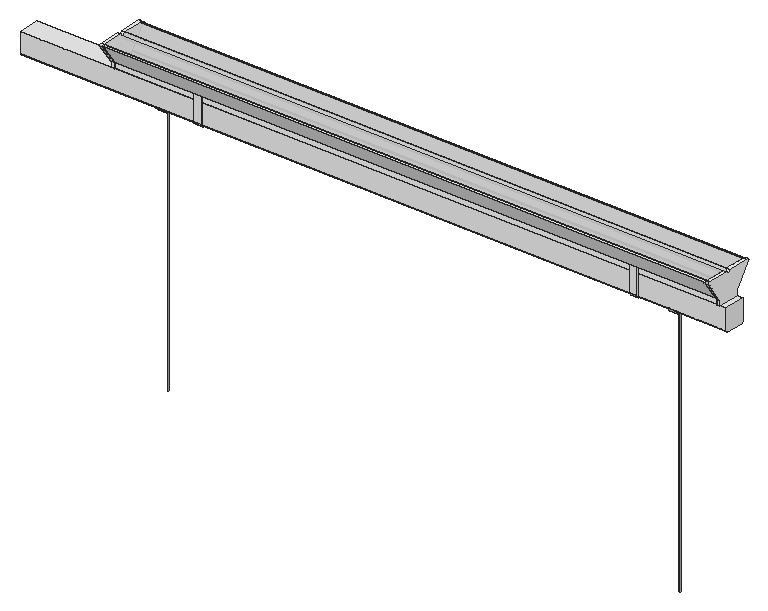
Revit family "0042293 Lighting Fixture_Sylvania_HSX Syl-Line_Ceiling Pendant", category Lighting Fixtures, host Face, Revit 2017
Family settings
  Host = Face
  Round Connector Dimension = Use Diameter
  Part Type = Normal
  OmniClass Number = 23.80.70.11.17
  OmniClass Title = Specialized Lighting by Location or Use
  Cut with Voids When Loaded = No
  Light Source = Yes
  Shared = No
  Room Calculation Point = No
Parameters (values of type "HSXSYL  LED NW EB 1720 EM WB")
  Width = 164.0 mm
  Weight = 6.50 kg
  Wattage = 10.4516 W
  built-in parameter 1150110 = 1 (stored number, unit not read)
  Voltage Comments = "UNV (Universal Voltage; 220-240 Volt)"  # constant formula
  Voltage = 230 V  # constant formula
  URL = "http://www.sylvania-lighting.com"
  Trucking Material = Steel_Sylvania_HSX Syl-Line_White
  built-in parameter 1114217 = 1 (stored number, unit not read)
  Tilt Angle = -90.00°
  built-in parameter 1150109 = 1 (stored number, unit not read)
  built-in parameter 1150134 = 12
  Ta Rating = "-10°C to +25°C"  # constant formula
  T Class Min = -10 °C
  T Class Max = 25 °C
  built-in parameter 1150113 = 1 (stored number, unit not read)
  Product Page URL = "http://www.sylvania-lighting.com/product/en-int/products/0042293"
  Product Family = "HSX SYL-LINE"  # constant formula
  Photometry Comments = ""
  Photometric Web File = "0042293_HSXSYLLEDNWEB1720EMWB-192691.ies"
  Mounting Material = Steel_Sylvania_HSX Syl-Line_White
  Mounting Height = 1000.0 mm
  Mounting Distance = Mounting Height - Height  # 832.5 mm
  Line End Right = 20.0 mm
  Line End Left = 300.0 mm
  Life = "50 000h"  # constant formula
  Length = 2000.0 mm
  LOR = "100%"
  Inrush Current (max. quantity per 16A C breaker) = "10"
  IP Rating = "IP20"  # constant formula
  IK Rating = "IK02"  # constant formula
  Height = 167.5 mm
  Glow Wire Test = 650 °C  # constant formula
  Emit from Line Length = Length - 20.0 mm  # 1980.0 mm
  Electrical Protection = "CLASS I"  # constant formula
  Drive Current = "350mA"
  built-in parameter 1114216 [instance] = 1 (stored number, unit not read)
  Cap Material = Plastic_Sylvania_HSX Syl-Line_White
  Model = "HSXSYL  LED NW EB 1720 EM WB"
  Manufacturer = "Feilo Sylvania"
  built-in parameter 1150105 = 341.47 (stored number, unit not read)
  Lumens = 972 lm
  built-in parameter 1150115 = 1 (stored number, unit not read)
  built-in parameter 1150137 = (empty or 0)
  built-in parameter 1150139 = (empty or 0)
  built-in parameter 1150112 = 1 (stored number, unit not read)
  built-in parameter 1150114 = 1 (stored number, unit not read)
  Lamp = "Integrated LED"
  built-in parameter 1150132 = 2
  built-in parameter 1150102 = (empty or 0)
  built-in parameter 1150107 = 4000 (stored number, unit not read)
  built-in parameter 1150138 = (empty or 0)
  built-in parameter 1150106 = 3.4147 (stored number, unit not read)
  CRI (Ra) = "<80"
  Bracket Width = Width - 93.4 mm  # 70.6 mm
  Bracket Height = Height - 73.5 mm  # 94.0 mm
  Body Material = Plastic_Sylvania_HSX Syl-Line_White
  built-in parameter 1150104 = 8.64 (stored number, unit not read)
  Dimming Lamp Color Temperature Shift = <None>
  Diffuser Material = Polycarbonate_Sylvania_HSX Syl-Line_4000K
  Description = "72W and 75W LED surface and suspended luminaires HSX Syl-Line is perfect for retail, industry, manufacturing, airports or data centres Extended offering of alternative optics for Syl-Line trunking Available with a white sheet steel reflector and a PMMA Diffuser Available in 1,720mm (same length as standard Syl-Line gear trays and trunking) High performance: delivers 6,660lm (luminaire lumen output on 72W version), equating to 93lm/W (total system efficiency) Available in neutral white (4,000K) Integrated LED solution that has the same aesthetics as the fluorescent version (non dotting) Energy efficient electronic gear including Analogue 1-10V dimmable, DALI dimmable and 3 hour emergency versions as standard Ease of installation through the plug connector Innovative clip design allows quick and simple installation of the electrical unit (average installation time of the gear tray at just over a minute) Energy class: A++, A+, A Long lifetime: 50,000 hours life at 70% of the original output L70"  # constant formula
  Default Elevation = 0.0 mm
  Color Filter = 16777215
  Catalog Number = "0042293 HSXSYL  LED NW EB 1720 EM WB"
  built-in parameter 1140040 [instance] = 1
  built-in parameter 1114218 = 1 (stored number, unit not read)
  built-in parameter 1150133 = 10 (stored number, unit not read)
  Assembly Code = "D5020200"
  Apparent Load = 75 VA
Reference planes
  plane 1 "Center (Front/Back)": y = 0
  plane 2 "Trucking Top": z = 838.5
  plane 3 "Center (Left/Right)": x = 0
  plane 4 "Fixture Bottom": z = 1000
  plane 5: y = 34.283
  plane 6: y = -34.283
  plane 7 "Fixture Left": x = -1000
  plane 8 "Fixture Right": x = 1000
  plane 9: x = 990
  plane 10: x = -990
  plane 11: y = -82
  plane 12: y = 82
  plane 13: z = 987.5
  plane 14: z = 931.5
  plane 15 "Trucking Bottom": z = 911
  plane 16: y = 38.283
  plane 17: y = -38.283
  plane 18: z = 993.039
  plane 19: y = 7.5
  plane 20: y = -7.5
  plane 21: x = -1300
  plane 22: x = 1020
  plane 23: x = 728
  plane 24: x = -728
  plane 25: x = 853
  plane 26: x = -853
  plane 27 "Fixture Top": z = 832.5
  plane 28: z = 0
Forms (mm)
  Extrusion 1, solid, material "Plastic_Sylvania_HSX Syl-Line_White" <- "Cap Material", detail levels fine
    sketch origin (0, 0, 0) x (0, 1, 0) y (0, 0, 1)
      loop
        line (38.283, 931.5) -> (81.006, 993.776)
        arc (81.006, 993.776) -> (81.229, 997.88) -> (77.707, 1000) r 3.986
        line (77.707, 1000) -> (7.5, 1000) -> (0, 987.5) -> (-7.5, 1000) -> (-77.707, 1000)
        arc (-77.707, 1000) -> (-81.229, 997.88) -> (-81.006, 993.776) r 3.986
        line (-81.006, 993.776) -> (-38.283, 931.5) -> (-34.283, 931.5) -> (-34.283, 911) -> (34.283, 911) -> (34.283, 931.5) -> (38.283, 931.5)
    from 990 to 1000
  Extrusion 2, solid, material "Plastic_Sylvania_HSX Syl-Line_White" <- "Cap Material", detail levels fine
    sketch origin (0, 0, 0) x (0, 1, 0) y (0, 0, 1)
      loop
        line (38.283, 931.5) -> (81.006, 993.776)
        arc (81.006, 993.776) -> (81.229, 997.88) -> (77.707, 1000) r 3.986
        line (77.707, 1000) -> (7.5, 1000) -> (0, 987.5) -> (-7.5, 1000) -> (-77.707, 1000)
        arc (-77.707, 1000) -> (-81.229, 997.88) -> (-81.006, 993.776) r 3.986
        line (-81.006, 993.776) -> (-38.283, 931.5) -> (-34.283, 931.5) -> (-34.283, 911) -> (34.283, 911) -> (34.283, 931.5) -> (38.283, 931.5)
    from -1000 to -990
  Extrusion 3, solid, material "Plastic_Sylvania_HSX Syl-Line_White" <- "Body Material", detail levels coarse+medium
    sketch origin (0, 0, 0) x (0, 1, 0) y (0, 0, 1)
      loop
        line (38.283, 931.5) -> (81.006, 993.776)
        arc (81.006, 993.776) -> (81.229, 997.88) -> (77.707, 1000) r 3.986
        line (77.707, 1000) -> (7.5, 1000) -> (0, 987.5) -> (-7.5, 1000) -> (-77.707, 1000)
        arc (-77.707, 1000) -> (-81.229, 997.88) -> (-81.006, 993.776) r 3.986
        line (-81.006, 993.776) -> (-38.283, 931.5) -> (-34.283, 931.5) -> (-34.283, 911) -> (34.283, 911) -> (34.283, 931.5) -> (38.283, 931.5)
    from -1000 to 990
  Extrusion 4, solid, material "Plastic_Sylvania_HSX Syl-Line_White" <- "Body Material", detail levels fine
    sketch origin (0, 0, 0) x (0, 1, 0) y (0, 0, 1)
      loop
        line (37.757, 932.5) -> (80.18, 994.339)
        arc (80.18, 994.339) -> (80.345, 997.413) -> (77.707, 999) r 2.986
        line (77.707, 999) -> (74, 999) -> (74, 998) -> (77.707, 998)
        arc (77.707, 998) -> (79.461, 996.946) -> (79.353, 994.902) r 1.986
        line (79.353, 994.902) -> (37.23, 933.5) -> (32.283, 933.5) -> (32.283, 912) -> (-32.283, 912) -> (-32.283, 933.5) -> (-37.23, 933.5) -> (-79.353, 994.902)
        arc (-79.353, 994.902) -> (-79.461, 996.946) -> (-77.707, 998) r 1.986
        line (-77.707, 998) -> (-74, 998) -> (-74, 999) -> (-77.707, 999)
        arc (-77.707, 999) -> (-80.345, 997.413) -> (-80.18, 994.339) r 2.986
        line (-80.18, 994.339) -> (-37.757, 932.5) -> (-33.283, 932.5) -> (-33.283, 911) -> (33.283, 911) -> (33.283, 932.5) -> (37.757, 932.5)
    from -990 to 990
  Extrusion 5, solid, material "Polycarbonate_Sylvania_HSX Syl-Line_4000K" <- "Diffuser Material", detail levels fine
    sketch origin (0, 0, 0) x (0, 1, 0) y (0, 0, 1)
      loop
        line (74, 999) -> (8.066, 999) -> (0, 985.556) -> (-8.066, 999) -> (-74, 999) -> (-74, 998) -> (-8.632, 998) -> (0, 983.613) -> (8.632, 998) -> (74, 998) -> (74, 999)
    from -990 to 990
  Extrusion 6, solid, material "Steel_Sylvania_HSX Syl-Line_White" <- "Trucking Material"
    sketch origin (0, 0, 0) x (0, 1, 0) y (0, 0, 1)
      loop
        line (34.283, 844.5) -> (34.283, 911) -> (-34.283, 911) -> (-34.283, 844.5) -> (-28.283, 838.5) -> (28.283, 838.5) -> (34.283, 844.5)
    from -1300 to 1020
Lines and regions (mm)
  model lines, detail levels coarse+medium
    curve 1: line (-840.5, 0, 838.5) -> (-840.5, 0, 0)
    curve 2: line (840.5, 0, 838.5) -> (840.5, 0, 0)
Dimensions and locks
  equal spacing: plane 7 "Fixture Left", plane 3 "Center (Left/Right)", plane 8 "Fixture Right"
  "Length": plane 7 "Fixture Left" to plane 8 "Fixture Right"
  locked: plane 7 "Fixture Left" to plane 10 at 10
  locked: plane 9 to plane 8 "Fixture Right" at 10
  equal spacing: plane 12, plane 1 "Center (Front/Back)", plane 11
  "Width": plane 12 to plane 11
  plane 15 "Trucking Bottom" to plane 14 to plane 13 to plane 18 to plane 4 "Fixture Bottom" = 20.5 mm locked, 56.0 mm locked, 5.539 mm locked, 6.961 mm locked
  plane 12 to plane 16 to plane 5 to plane 19 = 43.717 mm locked, 4.0 mm locked, 26.783 mm locked
  plane 11 to plane 17 to plane 6 to plane 20 = 43.717 mm locked, 4.0 mm locked, 26.783 mm locked
  locked: Extrusion 5 sketch curve to plane 11 at 8
  locked: plane 12 to Extrusion 5 sketch curve at 8
  locked: Extrusion 4 sketch curve to plane 11 at 8
  locked: plane 12 to Extrusion 4 sketch curve at 8
  locked: Extrusion 6 sketch curve to plane 2 "Trucking Top" at 6  (x2)
  locked: Extrusion 6 sketch curve to plane 6 at 6
  locked: plane 5 to Extrusion 6 sketch curve at 6
  "Line End Left": plane 21 to plane 7 "Fixture Left"
  "Line End Right": plane 8 "Fixture Right" to plane 22
  plane 23 to plane 25 to plane 9 = 125.0 mm locked, 137.0 mm locked
  plane 10 to plane 26 to plane 24 = 137.0 mm locked, 125.0 mm locked
  locked: plane 2 "Trucking Top" to plane 27 "Fixture Top" at 6
  "Height": plane 27 "Fixture Top" to plane 4 "Fixture Bottom"
  "Mounting Height": plane 28 to plane 4 "Fixture Bottom"
  aligned and locked: level to host face
  aligned and locked: imposter light to plane 1 "Center (Front/Back)"
  aligned and locked: plane 3 "Center (Left/Right)" to imposter light
  aligned and locked: imposter light to plane 4 "Fixture Bottom"
  aligned and locked: plane 14 to Extrusion 1 sketch curve
  aligned and locked: Extrusion 1 sketch curve to plane 16
  aligned and locked: plane 15 "Trucking Bottom" to Extrusion 1 sketch curve
  aligned and locked: Extrusion 1 sketch curve to plane 5
  aligned and locked: Extrusion 1 sketch curve to plane 6
  aligned and locked: Extrusion 1 sketch curve to plane 14
  aligned and locked: plane 1 "Center (Front/Back)" to Extrusion 1 sketch curve
  aligned and locked: plane 13 to Extrusion 1 sketch curve
  aligned and locked: plane 4 "Fixture Bottom" to Extrusion 1 sketch curve  (x2)
  aligned and locked: Extrusion 1 sketch curve to plane 19
  aligned and locked: plane 20 to Extrusion 1 sketch curve
  aligned and locked: Extrusion 1 to plane 8 "Fixture Right"
  aligned and locked: plane 9 to Extrusion 1
  aligned and locked: Extrusion 2 to plane 7 "Fixture Left"
  aligned and locked: plane 10 to Extrusion 2
  aligned and locked: Extrusion 3 to plane 7 "Fixture Left"
  aligned and locked: plane 15 "Trucking Bottom" to Extrusion 4 sketch curve
  aligned and locked: Extrusion 4 to plane 9
  aligned and locked: Extrusion 4 to plane 10
  aligned and locked: plane 5 to Extrusion 6 sketch curve
  aligned and locked: plane 6 to Extrusion 6 sketch curve
  aligned and locked: plane 2 "Trucking Top" to Extrusion 6 sketch curve
  aligned and locked: plane 15 "Trucking Bottom" to Extrusion 6 sketch curve
  aligned and locked: Extrusion 6 to plane 21
  aligned and locked: Extrusion 6 to plane 22
  aligned and locked: plane 1 "Center (Front/Back)" to nested 1
  aligned and locked: nested 1 to plane 14
  aligned and locked: plane 23 to nested 1
  aligned and locked: Extrusion 3 to plane 9
  aligned and locked: Extrusion 5 to plane 9
  aligned and locked: Extrusion 5 to plane 10
  aligned and locked: plane 24 to nested 2
  aligned and locked: nested 1 to plane 23
  aligned and locked: plane 2 "Trucking Top" to nested 2
  aligned and locked: plane 25 to nested 3
  aligned and locked: plane 26 to nested 4
  aligned and locked: plane 27 "Fixture Top" to nested 4
  aligned and locked: plane 27 "Fixture Top" to nested 3
  aligned and locked: plane 28 to level
  aligned and locked: level to curve 1
  aligned and locked: plane 2 "Trucking Top" to curve 1
  aligned and locked: curve 1 to plane 1 "Center (Front/Back)"
  aligned and locked: nested 3 to curve 2
  aligned and locked: plane 2 "Trucking Top" to curve 2
  aligned and locked: plane 28 to curve 2
Automatic sketch dimensions
  host sketch curve to host sketch curve = 2549.992 mm
  host sketch curve to host sketch curve = 1283.632 mm
  Extrusion 1 sketch curve to plane 17 = 0.0 mm
  Extrusion 1 sketch curve to plane 18 = 0.737 mm  (x2)
  Extrusion 1 sketch curve to plane 11 = 4.293 mm
  Extrusion 1 sketch curve to plane 11 = 0.994 mm
  Extrusion 1 sketch curve to plane 12 = 4.293 mm
  Extrusion 1 sketch curve to plane 12 = 0.994 mm
  plane 4 "Fixture Bottom" to Extrusion 2 sketch curve = 0.0 mm  (x2)
  plane 14 to Extrusion 2 sketch curve = 0.0 mm  (x2)
  Extrusion 2 sketch curve to plane 17 = 0.0 mm
  Extrusion 2 sketch curve to plane 6 = 0.0 mm
  Extrusion 2 sketch curve to plane 20 = 0.0 mm
  Extrusion 2 sketch curve to plane 1 "Center (Front/Back)" = 0.0 mm
  Extrusion 2 sketch curve to plane 19 = 0.0 mm
  Extrusion 2 sketch curve to plane 5 = 0.0 mm
  Extrusion 2 sketch curve to plane 16 = 0.0 mm
  plane 15 "Trucking Bottom" to Extrusion 2 sketch curve = 0.0 mm
  Extrusion 2 sketch curve to plane 13 = 0.0 mm
  Extrusion 2 sketch curve to plane 11 = 4.293 mm
  Extrusion 2 sketch curve to plane 18 = 0.737 mm  (x2)
  Extrusion 2 sketch curve to plane 11 = 0.994 mm
  Extrusion 2 sketch curve to plane 12 = 4.293 mm
  Extrusion 2 sketch curve to plane 12 = 0.994 mm
  plane 4 "Fixture Bottom" to Extrusion 3 sketch curve = 0.0 mm  (x2)
  plane 14 to Extrusion 3 sketch curve = 0.0 mm  (x2)
  Extrusion 3 sketch curve to plane 17 = 0.0 mm
  Extrusion 3 sketch curve to plane 6 = 0.0 mm
  Extrusion 3 sketch curve to plane 20 = 0.0 mm
  Extrusion 3 sketch curve to plane 1 "Center (Front/Back)" = 0.0 mm
  Extrusion 3 sketch curve to plane 19 = 0.0 mm
  Extrusion 3 sketch curve to plane 5 = 0.0 mm
  Extrusion 3 sketch curve to plane 16 = 0.0 mm
  plane 15 "Trucking Bottom" to Extrusion 3 sketch curve = 0.0 mm
  Extrusion 3 sketch curve to plane 13 = 0.0 mm
  Extrusion 3 sketch curve to plane 11 = 4.293 mm
  Extrusion 3 sketch curve to plane 18 = 0.737 mm  (x2)
  Extrusion 3 sketch curve to plane 11 = 0.994 mm
  Extrusion 3 sketch curve to plane 12 = 4.293 mm
  Extrusion 3 sketch curve to plane 12 = 0.994 mm
  Extrusion 4 sketch curve to plane 14 = 1.0 mm  (x2)
  Extrusion 4 sketch curve to plane 16 = 0.527 mm
  plane 4 "Fixture Bottom" to Extrusion 4 sketch curve = 1.0 mm  (x2)
  Extrusion 4 sketch curve to plane 17 = 0.527 mm
  plane 6 to Extrusion 4 sketch curve = 1.0 mm
  Extrusion 4 sketch curve to plane 5 = 1.0 mm
  Extrusion 4 sketch curve to plane 11 = 1.82 mm
  Extrusion 4 sketch curve to plane 18 = 1.301 mm  (x2)
  Extrusion 4 sketch curve to plane 12 = 1.82 mm
  Extrusion 4 sketch curve to Extrusion 4 sketch curve = 0.527 mm  (x2)
  Extrusion 4 sketch curve to Extrusion 4 sketch curve = 0.826 mm  (x2)
  Extrusion 4 sketch curve to Extrusion 4 sketch curve = 0.563 mm  (x2)
  Extrusion 4 sketch curve to Extrusion 4 sketch curve = 0.0 mm  (x4)
  Extrusion 4 sketch curve to Extrusion 4 sketch curve = 1.0 mm  (x4)
  Extrusion 4 sketch curve to plane 15 "Trucking Bottom" = 1.0 mm
  Extrusion 5 sketch curve to plane 1 "Center (Front/Back)" = 0.0 mm  (x2)
  plane 20 to Extrusion 5 sketch curve = 0.566 mm
  plane 20 to Extrusion 5 sketch curve = 1.132 mm
  plane 19 to Extrusion 5 sketch curve = 0.566 mm
  plane 19 to Extrusion 5 sketch curve = 1.132 mm
  plane 4 "Fixture Bottom" to Extrusion 5 sketch curve = 2.0 mm  (x2)
  Extrusion 5 sketch curve to plane 13 = 3.887 mm
  Extrusion 5 sketch curve to Extrusion 5 sketch curve = 1.944 mm
  plane 4 "Fixture Bottom" to Extrusion 5 sketch curve = 1.0 mm  (x2)
  plane 4 "Fixture Bottom" to Extrusion 4 sketch curve = 2.0 mm  (x2)
  curve 1 to plane 27 "Fixture Top" = 6.0 mm
  curve 1 to level = 0.0 mm
Nested families
  nested 1: "Mounting Bracket" at (703, 0, 931.5) x (0, -1, 0) z (0, 0, -1), type "Mounting Bracket", detail levels fine
  nested 2: "Mounting Bracket" at (-728, 0, 931.5) x (0, -1, 0) z (0, 0, -1), type "Mounting Bracket", detail levels fine
  nested 3: "Top Mounting Bracket" at (853, 0, 845.5) x (0, 1, 0) z (0, 0, -1), type "Top Mounting Bracket", detail levels fine
    with Mounting Distance 832.5 mm
  nested 4: "Top Mounting Bracket" at (-828, 0, 845.5) x (0, 1, 0) z (0, 0, -1), type "Top Mounting Bracket", detail levels fine
    with Mounting Distance 832.5 mm
Connectors
  electrical at (-1300, 0, 864.667), driven by "Voltage", driven by "Apparent Load"
    settings: on Extrusion 6, index 1, voltage 230 V, apparent load 0 VA, apparent load phase1 75 VA, apparent load phase2 0 VA, apparent load phase3 0 VA, power factor 1, load classification "Lighting", number of poles 1, system type 31, power factor state 1, is connector primary yes, connector utility no, sub classification motor no, connector description ""
Definition of nested family "Mounting Bracket"
  Parameters
    Mounting Material = none
    Length = 25.0 mm
    Height = 94.0 mm
    Width = 70.6 mm
    Default Elevation = 0.0 mm
  Reference planes
    plane 1 "Center (Front/Back)": y = 0
    plane 2: z = 0
    plane 3 "Center (Left/Right)": x = 0
    plane 4: x = -35.3
    plane 5: x = 35.3
    plane 6: y = -25
    plane 7: y = -12.5
    plane 8: z = 94
  Forms (mm)
    Extrusion 1, solid, material <- "Mounting Material"
      sketch origin (0, 0, 0) x (1, 0, 0) y (0, 0, 1)
        loop
          line (35.3, 87.5) -> (28.8, 94) -> (20.3, 94) -> (20.3, 93) -> (28.386, 93) -> (34.3, 87.086) -> (34.3, 0) -> (35.3, 0) -> (35.3, 87.5)
        loop
          line (-35.3, 87.5) -> (-35.3, 0) -> (-34.3, 0) -> (-34.3, 87.086) -> (-28.386, 93) -> (-20.3, 93) -> (-20.3, 94) -> (-28.8, 94) -> (-35.3, 87.5)
      from 0 to 25
  Dimensions and locks
    equal spacing: plane 5, plane 3 "Center (Left/Right)", plane 4
    "Width": plane 5 to plane 4
    "Length": plane 6 to plane 1 "Center (Front/Back)"
    equal spacing: plane 6, plane 7, plane 1 "Center (Front/Back)"
    "Height": plane 8 to plane 2
    locked: plane 8 to Extrusion 1 sketch curve at 1
    locked: plane 8 to Extrusion 1 sketch curve at 6.5  (x2)
    locked: Extrusion 1 sketch curve to plane 4 at 6.5
    locked: plane 5 to Extrusion 1 sketch curve at 6.5
    locked: Extrusion 1 sketch curve to plane 4 at 1
    locked: plane 5 to Extrusion 1 sketch curve at 1
    locked: Extrusion 1 sketch curve to plane 4 at 15
    locked: plane 5 to Extrusion 1 sketch curve at 15
    aligned and locked: level to plane 2
    aligned and locked: Extrusion 1 to plane 6
    aligned and locked: Extrusion 1 sketch curve to plane 8
    aligned and locked: Extrusion 1 sketch curve to plane 4
    aligned and locked: Extrusion 1 sketch curve to plane 5
  Automatic sketch dimensions
    Extrusion 1 sketch curve to level = 0.0 mm  (x2)
    plane 4 to Extrusion 1 sketch curve = 6.914 mm
    Extrusion 1 sketch curve to Extrusion 1 sketch curve = 0.414 mm  (x3)
    plane 8 to Extrusion 1 sketch curve = 0.0 mm
    Extrusion 1 sketch curve to plane 8 = 1.0 mm
Definition of nested family "Top Mounting Bracket"
  Parameters
    Mounting Material = none
    Mounting Distance = 500.0 mm
    Length = 25.0 mm
    Height = 13.0 mm
    Width = 70.6 mm
    Default Elevation = 0.0 mm
  Reference planes
    plane 1 "Center (Front/Back)": y = 0
    plane 2: z = 0
    plane 3 "Center (Left/Right)": x = 0
    plane 4: x = -35.3
    plane 5: x = 35.3
    plane 6: y = -25
    plane 7: y = -12.5
    plane 8: z = 13
    plane 9: z = 513
  Forms (mm)
    Extrusion 1, solid, material <- "Mounting Material"
      sketch origin (0, 0, 0) x (1, 0, 0) y (0, 0, 1)
        loop
          line (35.3, 1.5) -> (23.8, 13) -> (-23.8, 13) -> (-35.3, 1.5) -> (-35.3, 0) -> (-34.3, 0) -> (-34.3, 1.086) -> (-23.386, 12) -> (23.386, 12) -> (34.3, 1.086) -> (34.3, 0) -> (35.3, 0) -> (35.3, 1.5)
      from 0 to 25
    Extrusion 2, solid
      sketch origin (0, 0, 0) x (1, 0, 0) y (0, 1, 0)
        loop
          circle (0, -12.5) r 2
      from 13 to 513
  Dimensions and locks
    equal spacing: plane 5, plane 3 "Center (Left/Right)", plane 4
    "Width": plane 5 to plane 4
    "Length": plane 6 to plane 1 "Center (Front/Back)"
    equal spacing: plane 6, plane 7, plane 1 "Center (Front/Back)"
    plane 8 to Extrusion 1 sketch curve = 13.0 mm
    locked: Extrusion 1 sketch curve to plane 4 at 11.5
    locked: plane 5 to Extrusion 1 sketch curve at 11.5
    "Height": plane 8 to level
    "Mounting Distance": plane 9 to plane 8
    aligned and locked: level to plane 2
    aligned and locked: Extrusion 1 to plane 6
    aligned and locked: Extrusion 1 sketch curve to plane 4
    aligned and locked: Extrusion 1 sketch curve to plane 5
    aligned and locked: Extrusion 1 sketch curve to plane 8
    aligned and locked: Extrusion 1 sketch curve to Extrusion 1 sketch curve
    aligned and locked: plane 9 to Extrusion 2
    aligned and locked: Extrusion 2 to Extrusion 1
  Automatic sketch dimensions
    plane 4 to Extrusion 1 sketch curve = 1.0 mm
    Extrusion 1 sketch curve to Extrusion 1 sketch curve = 0.414 mm  (x4)
    Extrusion 1 sketch curve to plane 5 = 1.0 mm
    Extrusion 1 sketch curve to Extrusion 1 sketch curve = 1.086 mm
    Extrusion 1 sketch curve to plane 8 = 1.0 mm
    Extrusion 1 sketch curve to plane 8 = 11.914 mm
    Extrusion 2 sketch curve to plane 3 "Center (Left/Right)" = 0.0 mm
    plane 7 to Extrusion 2 sketch curve = 0.0 mm
    radius of Extrusion 2 sketch curve = 2.0 mm
